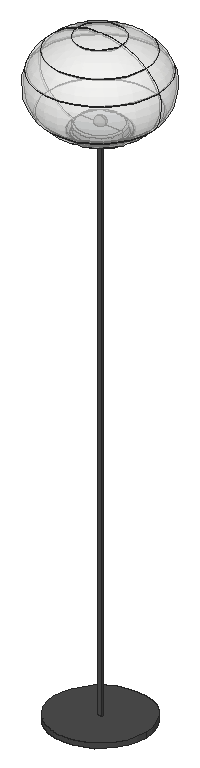
Revit family "LUCCIOLA-Floor", category Lighting Fixtures, Revit 2020
Family settings
  Round Connector Dimension = Use Diameter
  Part Type = Normal
  OmniClass Number = 23.80.70.00
  OmniClass Title = Lighting
  Work Plane-Based = Yes
  Always vertical = Yes
  Cut with Voids When Loaded = No
  Light Source = No
  Shared = No
  Room Calculation Point = No
Parameters (values of type "LUCCIOLA PT M")
  World Region [instance] = yes
  Width = 28 mm
  Voltage Control [instance] = if(World Region, 240 VA, 110 VA)  # 240 VA
  Voltage [instance] = if(World Region, 240 V, 110 V)  # 240 V
  USA and Canada market contacts = "ip@vistosi.it, +39.344.180.73.87"
  USA Region [instance] = not(World Region)  # no
  URL Product Page = "https://vistosi.it/prodotti-lampade-vetro/lucci-pt/?lang=en&sku=LUCCIPT000M00NI-BCSTE271CE"
  URL = "https://vistosi.com"
  Type Comments = "Studio Debonademeo"
  Region [instance] = if(World Region, "Europe", "USA")  # "Europe"
  Product data url = ""
  Model = "LUCCIOLA"
  Material Bulb [instance] = 000_VISTOSI_Bulb
  Manufacturer country = "Italy"
  Manufacturer = "Vistosi"
  Light Source [instance] = Bulb : 2700 K 13 W 37 V 2000 lm DIM3 0-10V, Push
  Lampshad Type = LUCCIOLA_Lampshade : LUCCISP M and LUCCIOLA PP M
  Glass finish_type1 [instance] = none
  Frequency [instance] = if(World Region, 50 Hz, 60 Hz)  # 50 Hz
  Frame finish [instance] = none
  Designer = "Studio Debonademeo"
  Description = "FLOOR LAMP"
  Depth = 0 mm
  Default Elevation = 1219.2 mm
  Height = 1600 mm
  Country = "Europe"
  Contact = "T. +39 041 5903480 Email: vistosi@vistosi.it"
  Bulb Diametr = 15 mm
  BIMobject category = ""
Types (2, lengths in mm): name | URL Product Page
  LUCCIOLA PT P | "https://vistosi.it/prodotti-lampade-vetro/lucci-pt/?lang=en&sku=LUCCIPT000P00NI-BCSTE271CE"
  LUCCIOLA PT M | "https://vistosi.it/prodotti-lampade-vetro/lucci-pt/?lang=en&sku=LUCCIPT000M00NI-BCSTE271CE"
Reference planes
  plane 1 "Light Source Axis (F/B)": y = 0
  plane 2: z = 0
  plane 3 "Light Source Axis (L/R)": x = 0
  plane 4 "Light Source Elevation": z = 1625
  plane 5: z = 1600
Forms (mm)
  Extrusion 1, solid, material <- "Frame finish"
    sketch origin (-449.822, 0, 0) x (1, 0, 0) y (0, 1, 0)
      loop
        circle (449.822, 0) r 6
    from 0 to 1625
  Extrusion 2, solid, material <- "Frame finish"
    sketch origin (0, 0, 0) x (1, 0, 0) y (0, 1, 0)
      loop
        circle (0, 0) r 140
    from 0 to 15
Lines and regions (mm)
  Filled region 1, type "MODELLO_2D_JUBE LT     G  -.dwg-1", in view "Front"
    outline origin (0, 0, 0) x (1, 0, 0) y (0, 0, 1)
      loop
        spline (3720.26, -1101.511) -> (3720.266, -1101) -> (3720.276, -1100.445) -> (3720.279, -1099.863) -> (3720.264, -1099.271) -> (3720.219, -1098.685) -> (3720.134, -1098.124) -> (3719.997, -1097.602) -> (3719.796, -1097.138) -> (3719.522, -1096.748) -> (3719.162, -1096.448) -> (3718.706, -1096.256) -> (3718.142, -1096.188)
        spline (3718.142, -1096.188) -> (3717.768, -1096.231) -> (3717.446, -1096.352) -> (3717.171, -1096.544) -> (3716.94, -1096.798) -> (3716.749, -1097.104) -> (3716.595, -1097.454) -> (3716.475, -1097.84) -> (3716.384, -1098.251) -> (3716.319, -1098.68) -> (3716.277, -1099.117) -> (3716.255, -1099.556) -> (3716.249, -1099.987)
        line (3716.249, -1099.987) -> (3716.249, -1104.121) -> (3720.26, -1104.121) -> (3720.26, -1101.511)
Dimensions and locks
  locked: plane 4 "Light Source Elevation" to plane 5 at 25
  "Height": plane 5 to level
  aligned and locked: level to plane 2
  aligned and locked: Extrusion 1 to plane 2
  aligned and locked: plane 3 "Light Source Axis (L/R)" to nested 1
  aligned and locked: plane 1 "Light Source Axis (F/B)" to nested 1
  aligned and locked: nested 2 to plane 3 "Light Source Axis (L/R)"
  aligned and locked: Extrusion 1 to plane 4 "Light Source Elevation"
Automatic sketch dimensions
  Filled region 1 sketch curve to level = 1104.121 mm
  plane 3 "Light Source Axis (L/R)" to Filled region 1 sketch curve = 3716.249 mm
  Filled region 1 sketch curve to level = 1096.188 mm
  Filled region 1 sketch curve to Filled region 1 sketch curve = 1.893 mm
  Filled region 1 sketch curve to level = 1101.511 mm
  Filled region 1 sketch curve to Filled region 1 sketch curve = 4.011 mm
  Filled region 1 sketch curve to Filled region 1 sketch curve = 4.134 mm
  plane 1 "Light Source Axis (F/B)" to Extrusion 1 sketch curve = 0 mm
  Extrusion 1 sketch curve to plane 3 "Light Source Axis (L/R)" = 0 mm
  plane 1 "Light Source Axis (F/B)" to Extrusion 2 sketch curve = 0 mm
  Extrusion 2 sketch curve to plane 3 "Light Source Axis (L/R)" = 0 mm
  radius of Extrusion 1 sketch curve = 6 mm
  radius of Extrusion 2 sketch curve = 140 mm
Nested families
  nested 1: "LUCCIOLA_Lamp base" at (0, 0, 1625) x (1, 0, 0) z (0, 0, -1), Frame finish <- "Frame finish", type "LUCCIOLA_Floor and Table"
  nested 2: "LUCCIOLA_Lampshade" at (0, 0, 1599.789) x (-1, 0, 0) z (0, 0, 1), type <- "Lampshad Type", Glass finish_type1 <- "Glass finish_type1", Material Bulb <- "Material Bulb", Bulb Diametr <- "Bulb Diametr", type "LUCCISP M and LUCCIOLA PP M"
    with Material Bulb 000_VISTOSI_Bulb, Glass finish_type1 none, Bulb Diametr 15 mm
  nested 3: "Bulb" at (0, 0, 129.789) x (-1, 0, 0) z (0, 0, 1), type "2700 K 13 W 37 V 2000 lm DIM2 Phase Cut"
    with Material 000_VISTOSI_Bulb, Diameter bulb 15 mm
Connectors
  electrical at (0, 0, 0), driven by "Voltage", driven by "Voltage Control"
    settings: on Extrusion 1, index 1, voltage 240 V, apparent load 0 VA, apparent load phase1 240 VA, apparent load phase2 0 VA, apparent load phase3 0 VA, power factor 1, load classification "Other", number of poles 1, system type 31, power factor state 1, is connector primary yes, connector utility no, sub classification motor no, connector description ""
Definition of nested family "LUCCIOLA_Lamp base"
  Parameters (values of type "LUCCIOLA_Floor and Table")
    Lucciola_Wall = no
    Lucciola_Suspension and Celling = no
    Lucciola_Floor and Table = yes
    Frame finish [instance] = none
    Description = "Top base"  # constant formula
    Default Elevation = 1219.2 mm
  Reference planes
    plane 1 "Center (Front/Back)": y = 0
    plane 2: z = 0
    plane 3 "Center (Left/Right)": x = 0
  Forms (mm)
    Extrusion 1, solid
      sketch origin (0, 0, 0) x (1, 0, 0) y (0, 1, 0)
        loop
          line (-1219.2, 1219.2) -> (-1219.2, -1219.2) -> (1219.2, -1219.2) -> (1219.2, 1219.2) -> (-1219.2, 1219.2)
      from 0 to -304.8
    Revolve 2, solid, material <- "Frame finish", visible <- "Lucciola_Suspension and Celling"
      sketch origin (0, 0, 27.508) x (1, 0, 0) y (0, 0, 1)
        loop
          line (-5.493, 7) -> (-55.13, 7)
          arc (-55.13, 7) -> (-57.157, 6.212) -> (-58.119, 4.261) r 3
          line (-58.119, 4.261) -> (-59.581, -12.456)
          arc (-59.581, -12.456) -> (-59.902, -13.106) -> (-60.577, -13.369) r 1
          line (-60.577, -13.369) -> (-76.909, -13.369)
          arc (-76.909, -13.369) -> (-77.518, -13.162) -> (-77.875, -12.627) r 1
          line (-77.875, -12.627) -> (-78.638, -9.779) -> (-79.604, -10.037) -> (-78.841, -12.886)
          arc (-78.841, -12.886) -> (-78.126, -13.955) -> (-76.909, -14.369) r 2
          line (-76.909, -14.369) -> (-60.577, -14.369)
          arc (-60.577, -14.369) -> (-59.226, -13.843) -> (-58.585, -12.543) r 2
          line (-58.585, -12.543) -> (-57.122, 4.174)
          arc (-57.122, 4.174) -> (-56.481, 5.475) -> (-55.13, 6) r 2
          line (-55.13, 6) -> (-5.493, 6) -> (-5.493, 7)
        loop
          line (-5.493, -15) -> (-5.493, -22)
          arc (-5.493, -22) -> (-3.884, -25.884) -> (0, -27.493) r 5.493
          line (0, -27.493) -> (0, -26.493)
          arc (0, -26.493) -> (-3.177, -25.177) -> (-4.493, -22) r 4.493
          line (-4.493, -22) -> (-4.493, -15) -> (-5.493, -15)
        axis (0, -27.493) -> (0, 7)
      angle from 0 to 360
    Extrusion 3, solid, material <- "Frame finish", visible <- "Lucciola_Suspension and Celling"
      sketch origin (0, 0, 34.508) x (0, -1, 0) y (1, 0, 0)
        loop
          circle (0, 0) r 47.5
      from -22 to -20
    Revolve 4, solid, material <- "Frame finish", visible <- "Lucciola_Wall"
      sketch origin (0, 0, 27.508) x (1, 0, 0) y (0, 0, 1)
        loop
          line (-88.371, -27.508) -> (-87.371, -27.508) -> (-87.371, -12.367) -> (-82.287, -4.829)
          arc (-82.287, -4.829) -> (-81.129, -4.179) -> (-79.917, -4.72) r 1.478
          arc (-79.917, -4.72) -> (-72.42, -10.142) -> (-65.164, -4.402) r 7.667
          line (-65.164, -4.402) -> (-65.164, 8.819)
          arc (-65.164, 8.819) -> (-64.295, 10.915) -> (-62.199, 11.784) r 2.965
          line (-62.199, 11.784) -> (0, 11.784) -> (0, 12.784) -> (-62.199, 12.784)
          arc (-62.199, 12.784) -> (-65.002, 11.622) -> (-66.164, 8.819) r 3.965
          line (-66.164, 8.819) -> (-66.164, -4.27)
          arc (-66.164, -4.27) -> (-72.585, -9.143) -> (-79.007, -4.27) r 6.667
          arc (-79.007, -4.27) -> (-81.061, -3.177) -> (-83.116, -4.27) r 2.478
          line (-83.116, -4.27) -> (-88.371, -12.061) -> (-88.371, -27.508)
        axis (0, -27.508) -> (0, 12.784)
      angle from 0 to 360
    Revolve 5, solid, material <- "Frame finish", visible <- "Lucciola_Floor and Table"
      sketch origin (0, 0, 27.508) x (1, 0, 0) y (0, 0, 1)
        loop
          line (-6.556, -27.508) -> (-6.556, -26.508) -> (-63.22, -26.508)
          arc (-63.22, -26.508) -> (-65.398, -25.606) -> (-66.3, -23.428) r 3.08
          line (-66.3, -23.428) -> (-66.3, -9.065)
          arc (-66.3, -9.065) -> (-74.072, -1.292) -> (-81.845, -9.065) r 7.773
          line (-81.845, -9.065) -> (-81.845, -11.497) -> (-80.845, -11.497) -> (-80.845, -9.065)
          arc (-80.845, -9.065) -> (-79.369, -4.772) -> (-75.564, -2.297) r 6.977
          line (-75.564, -2.297) -> (-72.564, -2.297)
          arc (-72.564, -2.297) -> (-68.614, -4.966) -> (-67.3, -9.549) r 6.977
          line (-67.3, -9.549) -> (-67.3, -23.428)
          arc (-67.3, -23.428) -> (-66.105, -26.313) -> (-63.22, -27.508) r 4.08
          line (-63.22, -27.508) -> (-6.556, -27.508)
        axis (0, -27.508) -> (0, -2.297)
      angle from 0 to 360
  Dimensions and locks
    aligned and locked: plane 2 to Extrusion 1
    aligned and locked: level to Extrusion 1
Definition of nested family "LUCCIOLA_Lampshade"
  Parameters (values of type "LUCCIPT P")
    Material Bulb [instance] = none
    LUCCISP G = no
    LUCCIPT P = yes
    LUCCIPT M = no
    LUCCIOLA PP P = no
    LUCCIOLA PP 27 = no
    LUCCILT  18 = no
    Glass finish_type1 [instance] = none
    Description = "Lampshade"  # constant formula
    Default Elevation = 1000 mm
    LUCCISP M = no
    Bulb Diametr [instance] = 15 mm
  Types (7, lengths in mm): name | LUCCIPT P | LUCCIPT M | LUCCIOLA PP P | LUCCIOLA PP 27 | LUCCILT  18
    LUCCISP G | yes | no | no | no | no
    LUCCISP M and LUCCIOLA PP M | yes | no | no | no | no
    LUCCIOLA PP 27 and LUCCIOLA PP 27 | no | no | no | yes | no
    LUCCIOLA PP P | no | no | yes | no | no
    LUCCILT  18 | no | no | no | no | yes
    LUCCIPT M | no | yes | no | no | no
    LUCCIPT P | yes | no | no | no | no
  Reference planes
    plane 1 "Center (Front/Back)": y = 0
    plane 2: z = 0
    plane 3 "Center (Left/Right)": x = 0
    plane 4: z = 300
  Forms (mm)
    Extrusion 1, solid
      sketch origin (-160.8, 0, 0) x (1, 0, 0) y (0, 1, 0)
        loop
          line (-1219.2, 1219.2) -> (-1219.2, -1219.2) -> (1219.2, -1219.2) -> (1219.2, 1219.2) -> (-1219.2, 1219.2)
      from 0 to -304.8
    Revolve 2, solid, material <- "Glass finish_type1", visible <- "LUCCISP G"
      sketch origin (0, 0, 204.686) x (1, 0, 0) y (0, 0, 1)
        loop
          line (0, -204.686) -> (0, -199.686)
          spline (0, -199.686) -> (-30.834, -198.163) -> (-61.131, -193.647) -> (-90.357, -186.208) -> (-118.006, -175.976) -> (-143.607, -163.156) -> (-166.704, -147.966) -> (-186.908, -130.688) -> (-203.881, -111.637) -> (-217.351, -91.153) -> (-227.111, -69.593) -> (-233.019, -47.318) -> (-234.998, -24.688)
          arc (-234.998, -24.688) -> (-229.204, 21.557) -> (-209.652, 63.864) r 151.784
          arc (-209.652, 63.864) -> (-155.986, 118.823) -> (-85.987, 150.454) r 207.202
          arc (-85.987, 150.454) -> (-77.857, 154.745) -> (-72.74, 162.382) r 18.761
          line (-72.74, 162.382) -> (-77.74, 162.382)
          arc (-77.74, 162.382) -> (-81.727, 157.879) -> (-87.166, 155.314) r 14.935
          arc (-87.166, 155.314) -> (-158.854, 122.918) -> (-213.814, 66.633) r 212.202
          arc (-213.814, 66.633) -> (-233.99, 23.005) -> (-240, -24.686) r 156.784
          spline (-240, -24.686) -> (-237.947, -48.181) -> (-231.822, -71.274) -> (-221.731, -93.569) -> (-207.846, -114.686) -> (-190.405, -134.263) -> (-169.706, -151.966) -> (-146.103, -167.49) -> (-120, -180.571) -> (-91.844, -190.985) -> (-62.117, -198.553) -> (-31.326, -203.147) -> (0, -204.686)
        axis (0, -204.686) -> (0, 162.382)
      angle from 0 to 360
    Revolve 3, solid, material <- "Glass finish_type1", visible <- "LUCCISP M"
      sketch origin (0, 0, 204.686) x (1, 0, 0) y (0, 0, 1)
        loop
          line (0, -204.686) -> (0, -199.686)
          arc (0, -199.686) -> (-77.74, -187.179) -> (-146.71, -149.192) r 230.077
          arc (-146.71, -149.192) -> (-176.135, -117.24) -> (-194.717, -77.979) r 144.266
          arc (-194.717, -77.979) -> (-200.148, -44.443) -> (-194.69, -10.912) r 105.981
          arc (-194.69, -10.912) -> (-177.476, 28.063) -> (-148.881, 59.65) r 133.795
          arc (-148.881, 59.65) -> (-120.432, 80.455) -> (-88.605, 95.593) r 188.301
          arc (-88.605, 95.593) -> (-81.909, 97.897) -> (-75.303, 100.449) r 188.858
          arc (-75.303, 100.449) -> (-70.985, 103.87) -> (-69.169, 109.072) r 9.883
          line (-69.169, 109.072) -> (-74.183, 109.072)
          arc (-74.183, 109.072) -> (-75.138, 106.661) -> (-77.193, 105.079) r 4.883
          arc (-77.193, 105.079) -> (-83.667, 102.577) -> (-90.231, 100.322) r 183.858
          arc (-90.231, 100.322) -> (-122.898, 84.805) -> (-152.104, 63.475) r 193.301
          arc (-152.104, 63.475) -> (-181.658, 30.803) -> (-199.485, -9.486) r 138.795
          arc (-199.485, -9.486) -> (-205.148, -44.486) -> (-199.485, -79.486) r 110.981
          arc (-199.485, -79.486) -> (-180.26, -120.067) -> (-149.836, -153.094) r 149.266
          arc (-149.836, -153.094) -> (-79.396, -191.897) -> (0, -204.686) r 235.077
        axis (0, -204.686) -> (0, 109.072)
      angle from 0 to 360
    Revolve 4, solid, material <- "Glass finish_type1", visible <- "LUCCIOLA PP 27"
      sketch origin (0, 0, 204.686) x (1, 0, 0) y (0, 0, 1)
        loop
          line (0, -204.686) -> (0, -201.686)
          arc (0, -201.686) -> (-49.621, -194.092) -> (-95.732, -174.251) r 197.773
          arc (-95.732, -174.251) -> (-115.699, -154.353) -> (-128.416, -129.195) r 88.704
          arc (-128.416, -129.195) -> (-132.078, -102.478) -> (-126.505, -76.094) r 78.691
          arc (-126.505, -76.094) -> (-118.147, -56.525) -> (-104.793, -39.959) r 77.68
          arc (-104.793, -39.959) -> (-92.924, -28.71) -> (-78.858, -20.37) r 73.357
          arc (-78.858, -20.37) -> (-75.697, -17.74) -> (-74.338, -13.86) r 7.704
          line (-74.338, -13.86) -> (-77.349, -13.86)
          arc (-77.349, -13.86) -> (-78.219, -16.111) -> (-80.091, -17.635) r 4.704
          arc (-80.091, -17.635) -> (-94.663, -26.264) -> (-106.974, -37.893) r 76.357
          arc (-106.974, -37.893) -> (-120.719, -54.981) -> (-129.354, -75.139) r 80.68
          arc (-129.354, -75.139) -> (-135.079, -102.456) -> (-131.274, -130.106) r 81.691
          arc (-131.274, -130.106) -> (-118.088, -156.17) -> (-97.374, -176.765) r 91.704
          arc (-97.374, -176.765) -> (-50.477, -196.968) -> (0, -204.686) r 200.773
        axis (0, -204.686) -> (0, -13.86)
      angle from 0 to 360
    Revolve 5, solid, material <- "Glass finish_type1", visible <- "LUCCIOLA PP P"
      sketch origin (0, 0, 204.686) x (1, 0, 0) y (0, 0, 1)
        loop
          line (0, -204.686) -> (0, -199.685)
          arc (0, -199.685) -> (-71.085, -188.612) -> (-133.937, -153.607) r 204.512
          arc (-133.937, -153.607) -> (-156.362, -129.028) -> (-170.75, -99.029) r 114.186
          arc (-170.75, -99.029) -> (-175.171, -65.996) -> (-168.457, -33.351) r 99.688
          arc (-168.457, -33.351) -> (-163.443, -22.156) -> (-157.329, -11.521) r 121.988
          arc (-157.329, -11.521) -> (-140.65, 8.397) -> (-120.722, 25.065) r 146.879
          arc (-120.722, 25.065) -> (-95.45, 39.969) -> (-68.232, 50.923) r 195.457
          line (-68.232, 50.923) -> (-68.232, 56.162)
          arc (-68.232, 56.162) -> (-96.948, 44.803) -> (-123.578, 29.169) r 200.457
          arc (-123.578, 29.169) -> (-144.216, 11.901) -> (-161.484, -8.738) r 151.879
          arc (-161.484, -8.738) -> (-167.876, -19.845) -> (-173.117, -31.54) r 126.988
          arc (-173.117, -31.54) -> (-180.168, -65.821) -> (-175.526, -100.511) r 104.688
          arc (-175.526, -100.511) -> (-160.507, -131.824) -> (-137.1, -157.479) r 119.186
          arc (-137.1, -157.479) -> (-72.764, -193.321) -> (0, -204.686) r 209.512
        axis (0, -204.686) -> (0, 56.162)
      angle from 0 to 360
    Revolve 6, solid, material <- "Glass finish_type1", visible <- "LUCCILT  18"
      sketch origin (0, 0, 204.686) x (1, 0, 0) y (0, 0, 1)
        loop
          line (-44.03, -204.686) -> (-20, -204.686) -> (-20, -201.686) -> (-43.579, -201.686)
          arc (-43.579, -201.686) -> (-68.591, -186.497) -> (-83.574, -161.362) r 60.622
          arc (-83.574, -161.362) -> (-87.019, -145.642) -> (-85.822, -129.595) r 55.65
          arc (-85.822, -129.595) -> (-79.158, -113.322) -> (-67.469, -100.184) r 52.215
          arc (-67.469, -100.184) -> (-48.547, -89.887) -> (-27.591, -84.894) r 81.709
          arc (-27.591, -84.894) -> (-13.808, -83.64) -> (0, -82.691) r 627.339
          line (0, -82.691) -> (0, -79.686)
          arc (0, -79.686) -> (-13.96, -80.643) -> (-27.895, -81.909) r 630.339
          arc (-27.895, -81.909) -> (-49.651, -87.098) -> (-69.291, -97.799) r 84.709
          arc (-69.291, -97.799) -> (-81.685, -111.705) -> (-88.75, -128.941) r 55.215
          arc (-88.75, -128.941) -> (-90.015, -145.804) -> (-86.416, -162.326) r 58.65
          arc (-86.416, -162.326) -> (-70.522, -188.809) -> (-44.03, -204.686) r 63.622
        axis (0, -204.686) -> (0, -79.686)
      angle from 0 to 360
    Revolve 7, solid, material <- "Glass finish_type1", visible <- "LUCCIPT M"
      sketch origin (0, 0, 204.686) x (1, 0, 0) y (0, 0, 1)
        loop
          line (-71.775, -204.686) -> (-66.731, -204.686)
          arc (-66.731, -204.686) -> (-68.158, -199.086) -> (-72.761, -195.591) r 8.767
          arc (-72.761, -195.591) -> (-109.987, -179.76) -> (-143.143, -156.588) r 194.933
          arc (-143.143, -156.588) -> (-167.628, -129.44) -> (-184.764, -97.147) r 148.979
          arc (-184.764, -97.147) -> (-192.021, -57.807) -> (-184.764, -18.468) r 110.253
          arc (-184.764, -18.468) -> (-164.206, 18.694) -> (-134.15, 48.699) r 151.678
          arc (-134.15, 48.699) -> (-86.979, 75.335) -> (-34.545, 88.942) r 208.835
          arc (-34.545, 88.942) -> (-17.305, 90.535) -> (0, 91.033) r 273.135
          line (0, 91.033) -> (0, 96.033)
          arc (0, 96.033) -> (-17.615, 95.526) -> (-35.162, 93.904) r 278.135
          arc (-35.162, 93.904) -> (-88.852, 79.971) -> (-137.153, 52.697) r 213.835
          arc (-137.153, 52.697) -> (-168.199, 21.703) -> (-189.435, -16.684) r 156.678
          arc (-189.435, -16.684) -> (-197.021, -57.807) -> (-189.435, -98.931) r 115.253
          arc (-189.435, -98.931) -> (-171.724, -132.308) -> (-146.417, -160.367) r 153.979
          arc (-146.417, -160.367) -> (-112.43, -184.123) -> (-74.275, -200.356) r 199.933
          arc (-74.275, -200.356) -> (-72.203, -202.047) -> (-71.775, -204.686) r 3.767
        axis (0, -204.686) -> (0, 96.033)
      angle from 0 to 360
    Revolve 8, solid, material <- "Glass finish_type1", visible <- "LUCCIPT P"
      sketch origin (0, 0, 204.686) x (1, 0, 0) y (0, 0, 1)
        loop
          line (-77.346, -204.686) -> (-72.346, -204.686)
          arc (-72.346, -204.686) -> (-74.497, -199.022) -> (-79.865, -196.212) r 8.536
          arc (-79.865, -196.212) -> (-120.483, -175.819) -> (-154.48, -145.656) r 175.026
          arc (-154.48, -145.656) -> (-180.421, -94.788) -> (-175.472, -37.903) r 103.601
          arc (-175.472, -37.903) -> (-160.166, -9.695) -> (-138.068, 13.579) r 122.688
          arc (-138.068, 13.579) -> (-104.249, 35.922) -> (-66.779, 51.378) r 210.77
          arc (-66.779, 51.378) -> (-33.756, 58.804) -> (0, 61.298) r 229.74
          line (0, 61.298) -> (0, 66.298)
          arc (0, 66.298) -> (-34.49, 63.75) -> (-68.232, 56.162) r 234.74
          arc (-68.232, 56.162) -> (-106.591, 40.339) -> (-141.212, 17.466) r 215.77
          arc (-141.212, 17.466) -> (-164.211, -6.756) -> (-180.14, -36.114) r 127.688
          arc (-180.14, -36.114) -> (-185.337, -95.7) -> (-158.197, -149.001) r 108.601
          arc (-158.197, -149.001) -> (-122.975, -180.169) -> (-80.882, -201.151) r 180.026
          arc (-80.882, -201.151) -> (-78.382, -202.186) -> (-77.346, -204.686) r 3.536
        axis (0, -204.686) -> (0, 66.298)
      angle from 0 to 360
  Lines and regions (mm)
    Masking region 1, visible <- "LUCCISP M"
      outline origin (0, 0, 0) x (1, 0, 0) y (0, 1, 0)
        loop
          circle (0, 0) r 225
    Masking region 2, not visible
      outline origin (0, 0, 0) x (1, 0, 0) y (0, 1, 0)
        loop
          circle (0, 0) r 172.6
    Masking region 3
      outline origin (0, 0, 0) x (1, 0, 0) y (0, 1, 0)
        loop
          circle (0, 0) r 80
  Dimensions and locks
    level to plane 4 = 300 mm
    nested 1 to level = 30 mm
    aligned and locked: plane 2 to Extrusion 1
    aligned and locked: level to Extrusion 1
  Nested families
    nested 1: "Bulb" at (0, 0, -1470), Material <- "Material Bulb", Diameter bulb <- "Bulb Diametr", type "2700 K 13 W 37 V 2000 lm DIM2 Phase Cut"
      with Material none, Diameter bulb 15 mm
  Definition of nested family "Bulb"
    Parameters (values of type "3000 K 13 W 37 V 2000 lm DIM3 0-10V, Push")
      Wattage = 13.4642 W
      built-in parameter 1150110 = 1 (stored number, unit not read)
      USA and Canada market contacts = ""
      built-in parameter 1114217 = 1 (stored number, unit not read)
      built-in parameter 1150109 = 1 (stored number, unit not read)
      built-in parameter 1150134 = (empty or 0)
      built-in parameter 1150113 = 1 (stored number, unit not read)
      Material [instance] = none
      Diameter bulb [instance] = 15 mm
      Lumens = 2000 lm
      built-in parameter 1150115 = 1 (stored number, unit not read)
      built-in parameter 1150105 = 159.15 (stored number, unit not read)
      Light Source Symbol Size = 30 mm
      built-in parameter 1150137 = (empty or 0)
      built-in parameter 1150139 = (empty or 0)
      built-in parameter 1150112 = 1 (stored number, unit not read)
      built-in parameter 1150114 = 1 (stored number, unit not read)
      built-in parameter 1150132 = 2
      built-in parameter 1150102 = (empty or 0)
      built-in parameter 1150138 = (empty or 0)
      built-in parameter 1150107 = 3000 (stored number, unit not read)
      built-in parameter 1150106 = 1.5915 (stored number, unit not read)
      built-in parameter 1150104 = 13.8 (stored number, unit not read)
      Dimming Lamp Color Temperature Shift = (empty or 0)
      Default Elevation = 1219.2 mm
      Color Filter = 16777215
      built-in parameter 1114218 = 1 (stored number, unit not read)
      built-in parameter 1150133 = 10 (stored number, unit not read)
    Types (4, lengths in mm): name | built-in parameter 1150107
      2700 K 13 W 37 V 2000 lm DIM2 Phase Cut | 2700 (stored number, unit not read)
      2700 K 13 W 37 V 2000 lm DIM3 0-10V, Push | 2700 (stored number, unit not read)
      3000 K 13 W 37 V 2000 lm DIM2 Phase Cut | 3000 (stored number, unit not read)
      3000 K 13 W 37 V 2000 lm DIM3 0-10V, Push | 3000 (stored number, unit not read)
    Reference planes
      plane 1 "Light Source Axis (F/B)": y = 0
      plane 2: z = 0
      plane 3 "Light Source Axis (L/R)": x = 0
      plane 4 "Light Source Elevation": z = 1500
    Forms (mm)
      Revolve 1, solid, material <- "Material"
        sketch origin (0, 0, 0) x (1, 0, 0) y (0, 0, 1)
          loop
            arc (0, 1515) -> (-15, 1500) -> (0, 1485) r 15
            line (0, 1485) -> (0, 1515)
          axis (0, 1515) -> (0, 1485)
        angle from 0 to 360
    Dimensions and locks
      "Diameter bulb": radius of Revolve 1 sketch curve
      aligned and locked: plane 3 "Light Source Axis (L/R)" to imposter light
      aligned and locked: plane 1 "Light Source Axis (F/B)" to imposter light
      aligned and locked: plane 4 "Light Source Elevation" to imposter light
      aligned and locked: level to plane 2
    Automatic sketch dimensions
      Revolve 1 sketch curve to plane 3 "Light Source Axis (L/R)" = 0 mm  (x2)
      Revolve 1 sketch curve to plane 4 "Light Source Elevation" = 0 mm
      Revolve 1 sketch curve to Revolve 1 sketch curve = 5 mm  (x2)
Definition of nested family "Bulb"
  Parameters (values of type "3000 K 13 W 37 V 2000 lm DIM3 0-10V, Push")
    Wattage = 13.4642 W
    built-in parameter 1150110 = 1 (stored number, unit not read)
    USA and Canada market contacts = ""
    built-in parameter 1114217 = 1 (stored number, unit not read)
    built-in parameter 1150109 = 1 (stored number, unit not read)
    built-in parameter 1150134 = (empty or 0)
    built-in parameter 1150113 = 1 (stored number, unit not read)
    Material [instance] = none
    Diameter bulb [instance] = 15 mm
    Lumens = 2000 lm
    built-in parameter 1150115 = 1 (stored number, unit not read)
    built-in parameter 1150105 = 159.15 (stored number, unit not read)
    Light Source Symbol Size = 30 mm
    built-in parameter 1150137 = (empty or 0)
    built-in parameter 1150139 = (empty or 0)
    built-in parameter 1150112 = 1 (stored number, unit not read)
    built-in parameter 1150114 = 1 (stored number, unit not read)
    built-in parameter 1150132 = 2
    built-in parameter 1150102 = (empty or 0)
    built-in parameter 1150138 = (empty or 0)
    built-in parameter 1150107 = 3000 (stored number, unit not read)
    built-in parameter 1150106 = 1.5915 (stored number, unit not read)
    built-in parameter 1150104 = 13.8 (stored number, unit not read)
    Dimming Lamp Color Temperature Shift = (empty or 0)
    Default Elevation = 1219.2 mm
    Color Filter = 16777215
    built-in parameter 1114218 = 1 (stored number, unit not read)
    built-in parameter 1150133 = 10 (stored number, unit not read)
  Types (4, lengths in mm): name | built-in parameter 1150107
    2700 K 13 W 37 V 2000 lm DIM2 Phase Cut | 2700 (stored number, unit not read)
    2700 K 13 W 37 V 2000 lm DIM3 0-10V, Push | 2700 (stored number, unit not read)
    3000 K 13 W 37 V 2000 lm DIM2 Phase Cut | 3000 (stored number, unit not read)
    3000 K 13 W 37 V 2000 lm DIM3 0-10V, Push | 3000 (stored number, unit not read)
  Reference planes
    plane 1 "Light Source Axis (F/B)": y = 0
    plane 2: z = 0
    plane 3 "Light Source Axis (L/R)": x = 0
    plane 4 "Light Source Elevation": z = 1500
  Forms (mm)
    Revolve 1, solid, material <- "Material"
      sketch origin (0, 0, 0) x (1, 0, 0) y (0, 0, 1)
        loop
          arc (0, 1515) -> (-15, 1500) -> (0, 1485) r 15
          line (0, 1485) -> (0, 1515)
        axis (0, 1515) -> (0, 1485)
      angle from 0 to 360
  Dimensions and locks
    "Diameter bulb": radius of Revolve 1 sketch curve
    aligned and locked: plane 3 "Light Source Axis (L/R)" to imposter light
    aligned and locked: plane 1 "Light Source Axis (F/B)" to imposter light
    aligned and locked: plane 4 "Light Source Elevation" to imposter light
    aligned and locked: level to plane 2
  Automatic sketch dimensions
    Revolve 1 sketch curve to plane 3 "Light Source Axis (L/R)" = 0 mm  (x2)
    Revolve 1 sketch curve to plane 4 "Light Source Elevation" = 0 mm
    Revolve 1 sketch curve to Revolve 1 sketch curve = 5 mm  (x2)
